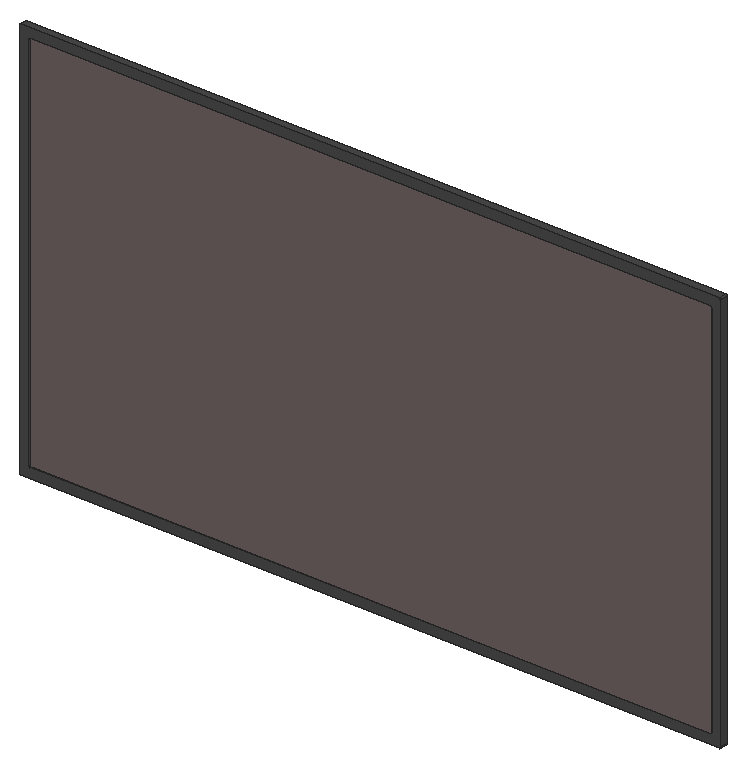
Revit family "Electronics_Visual-TVs_ViewSonic_ViewSonicR-CDE4320-4K-Ultra-HD-commercia", category Electrical Equipment, Revit 2017
Family settings
  Panel Configuration = Two Columns, Circuits Across
  Round Connector Dimension = Use Diameter
  Part Type = Panelboard
  OmniClass Number = 23.80.00.00
  OmniClass Title = Electric Power and Lighting
  Work Plane-Based = No
  Always vertical = Yes
  Cut with Voids When Loaded = No
  Shared = No
  Room Calculation Point = No
Parameters (values of type "CDE 4320")
  Viewing Angles = "H = 178, V = 178 typ"
  Viewable Area (In.) = "43\""
  URL = "https://www.viewsonic.com/us/cde4320.html"
  Type/ Tech = "TFT LCD Module. IPS type, DLED backlight"
  Surface Treatment = "Anti-Glare, 2H, Haze 3%"
  Screen Material = Screen - ViewSonic - CDE4320
  Response Time = "6 ms"
  Resolution = "3840x2160; 16:9"
  Product data url = "https://www.bimobject.com/viewsonic/product/viewsonic_cde4320"
  Product Guid = "04618ea5-7388-44f0-a38c-e1773508592f"
  Panel Size = "43\""
  Orientation = "Landscape"
  Native Resolution = "3840x2160"
  Model = "cde4320"
  Manufacturer = "ViewSonic"
  Light Source = "DLED"
  Keynote = "11130"
  Hardness = "3H"
  Edition number = 1
  Display Size = "43\""
  Display Area (mm) = "41.184 (H) x 529.416 (V) (42.51” diagonal)"
  Description = "The ViewSonic® CDE4320 is a 43’’ (42.51” viewable) 4K Ultra HD commercial display purpose-built to deliver eye-catching imagery for hotels, restaurants, retail, business, and more. With stunning 3840x2160 resolution, 350-nit high brightness, wide viewing angles, and dual 10W speakers, this display provides immersive, high-impact messaging wherever needed. In addition to HDMI and DVI inputs to connect with various high definition devices, this display utilizes an integrated multi-core processor and 16GB of internal memory, allowing customers to playback multimedia content via USB without the need for a PC. To make life even easier, the bundled vController software offers easy maintenance and intuitive interfaces for remote management via a PC server or laptop, and its flicker-free and blue light filter technologies help provide a comfortable viewing environment."
  Covering Color = Plastic - ViewSonic - Black
  Cover Material = Plastic - ViewSonic - Black
  Contrast Ratio = "1100:1 Typ."
  Colors = "1.07B colors"
  Brightness = "350 nits (typ.)"
  Bezel = "Slim"
  Backlight Life = "40,000 Hours Typ"
  Backlight = "WLED"
  Assembly Code = "D5030500"
  Aspect Ratio = "3840 x 2160"
Reference planes
  plane 1: y = 0
  plane 2: z = 0
  plane 3 "Center (Left/Right)": x = 0
  plane 4 "Center (Front/Back)": y = 85
Forms (mm)
  Extrusion 1, solid, material "Plastic - ViewSonic - Black" <- "Covering Color"
    sketch origin (0, 0, 0) x (1, 0, 0) y (0, 0, -1)
      loop
        line (-482.975, -558.3) -> (482.95, -558.3)
        arc (482.95, -558.3) -> (484.364, -557.714) -> (484.95, -556.3) r 2
        line (484.95, -556.3) -> (484.95, -2)
        arc (484.95, -2) -> (484.364, -0.586) -> (482.95, 0) r 2
        line (482.95, 0) -> (-482.95, 0)
        arc (-482.95, 0) -> (-484.364, -0.586) -> (-484.95, -2) r 2
        line (-484.95, -2) -> (-484.95, -556.325)
        arc (-484.95, -556.325) -> (-484.372, -557.722) -> (-482.975, -558.3) r 1.975
      loop
        line (-469.95, -545.3) -> (469.95, -545.3)
        arc (469.95, -545.3) -> (471.364, -544.714) -> (471.95, -543.3) r 2
        line (471.95, -543.3) -> (471.95, -15)
        arc (471.95, -15) -> (471.364, -13.586) -> (469.95, -13) r 2
        line (469.95, -13) -> (-469.95, -13)
        arc (-469.95, -13) -> (-471.364, -13.586) -> (-471.95, -15) r 2
        line (-471.95, -15) -> (-471.95, -543.3)
        arc (-471.95, -543.3) -> (-471.364, -544.714) -> (-469.95, -545.3) r 2
    from 0 to 10.2
  Extrusion 2, solid, material "Plastic - ViewSonic - Black" <- "Covering Color", detail levels medium+fine
    sketch origin (0, 0, 0) x (1, 0, 0) y (0, 1, 0)
      loop
        line (-387.004, 50.797) -> (232.5, 50.797) -> (232.5, 85) -> (-387.004, 85) -> (-387.004, 50.797)
    from 0 to 503.271
  SweptBlend 3, solid, material "Plastic - ViewSonic - Black" <- "Covering Color", detail levels fine
    path origin (0, 0, 0) x (1, 0, 0) y (0, -1, 0)
      loop
        line (0, -50.797) -> (0, -10.2)
    profile origin (0, 50.797, 0) x (1, 0, 0) y (0, 0, 1)
      loop
        line (427.383, 512.679) -> (-426.024, 512.679)
        arc (-426.024, 512.679) -> (-429.56, 511.214) -> (-431.024, 507.679) r 5
        line (-431.024, 507.679) -> (-431.024, 0) -> (432.383, 0) -> (432.383, 507.679)
        arc (432.383, 507.679) -> (430.919, 511.214) -> (427.383, 512.679) r 5
    end profile origin (0, 10.2, 0) x (1, 0, 0) y (0, 0, 1)
      loop
        line (469.814, 548.3) -> (-469.814, 548.3)
        arc (-469.814, 548.3) -> (-473.35, 546.836) -> (-474.814, 543.3) r 5
        line (-474.814, 543.3) -> (-474.814, 0) -> (474.814, 0) -> (474.814, 543.3)
        arc (474.814, 543.3) -> (473.35, 546.836) -> (469.814, 548.3) r 5
  Extrusion 4, void
    sketch origin (0, 0, 0) x (1, 0, 0) y (0, 0, -1)
      loop
        arc (405.463, -477.823) -> (406.177, -477.527) -> (406.473, -476.813) r 1.009
        line (406.473, -476.813) -> (406.473, -372.259)
        arc (406.473, -372.259) -> (406.17, -371.53) -> (405.441, -371.227) r 1.032
        line (405.441, -371.227) -> (245.517, -371.227)
        arc (245.517, -371.227) -> (244.841, -371.507) -> (244.56, -372.184) r 0.956
        line (244.56, -372.184) -> (244.56, -476.806)
        arc (244.56, -476.806) -> (244.858, -477.525) -> (245.577, -477.823) r 1.016
        line (245.577, -477.823) -> (405.463, -477.823)
      loop
        arc (405.475, -355.073) -> (406.18, -354.78) -> (406.473, -354.075) r 0.998
        line (406.473, -354.075) -> (406.473, -209.227)
        arc (406.473, -209.227) -> (406.18, -208.52) -> (405.473, -208.227) r 1
        line (405.473, -208.227) -> (245.56, -208.227)
        arc (245.56, -208.227) -> (244.853, -208.52) -> (244.56, -209.227) r 1
        line (244.56, -209.227) -> (244.56, -354.073)
        arc (244.56, -354.073) -> (244.853, -354.78) -> (245.56, -355.073) r 1
        line (245.56, -355.073) -> (405.475, -355.073)
      loop
        arc (405.473, -192.073) -> (406.18, -191.78) -> (406.473, -191.073) r 1
        line (406.473, -191.073) -> (406.473, -76.928)
        arc (406.473, -76.928) -> (406.194, -76.256) -> (405.522, -75.977) r 0.95
        line (405.522, -75.977) -> (245.56, -75.977)
        arc (245.56, -75.977) -> (244.853, -76.27) -> (244.56, -76.977) r 1
        line (244.56, -76.977) -> (244.56, -191.073)
        arc (244.56, -191.073) -> (244.853, -191.78) -> (245.56, -192.073) r 1
        line (245.56, -192.073) -> (405.473, -192.073)
    from 44.965 to 96.507
  SweptBlend 5, solid, material "Plastic - ViewSonic - Black" <- "Covering Color", detail levels medium
    path origin (0, 0, 0) x (1, 0, 0) y (0, -1, 0)
      loop
        line (0, -50.797) -> (0, -10.2)
    profile origin (0, 50.797, 0) x (1, 0, 0) y (0, 0, 1)
      loop
        line (427.383, 512.679) -> (-426.024, 512.679)
        arc (-426.024, 512.679) -> (-429.56, 511.214) -> (-431.024, 507.679) r 5
        line (-431.024, 507.679) -> (-431.024, 0) -> (432.383, 0) -> (432.383, 507.679)
        arc (432.383, 507.679) -> (430.919, 511.214) -> (427.383, 512.679) r 5
    end profile origin (0, 10.2, 0) x (1, 0, 0) y (0, 0, 1)
      loop
        line (469.814, 548.3) -> (-469.814, 548.3)
        arc (-469.814, 548.3) -> (-473.35, 546.836) -> (-474.814, 543.3) r 5
        line (-474.814, 543.3) -> (-474.814, 0) -> (474.814, 0) -> (474.814, 543.3)
        arc (474.814, 543.3) -> (473.35, 546.836) -> (469.814, 548.3) r 5
  Extrusion 6, solid, material "Screen - ViewSonic - CDE4320" <- "Screen Material"
    sketch origin (0, 0, 0) x (1, 0, 0) y (0, 0, -1)
      loop
        arc (469.95, -545.3) -> (471.364, -544.714) -> (471.95, -543.3) r 2
        line (471.95, -543.3) -> (471.95, -15)
        arc (471.95, -15) -> (471.364, -13.586) -> (469.95, -13) r 2
        line (469.95, -13) -> (-469.95, -13)
        arc (-469.95, -13) -> (-471.364, -13.586) -> (-471.95, -15) r 2
        line (-471.95, -15) -> (-471.95, -543.3)
        arc (-471.95, -543.3) -> (-471.364, -544.714) -> (-469.95, -545.3) r 2
        line (-469.95, -545.3) -> (469.95, -545.3)
    from 1.1 to 6.7
  Extrusion 7, solid, material "Plastic - ViewSonic - Black" <- "Covering Color", detail levels coarse
    sketch origin (0, 0, 0) x (1, 0, 0) y (0, 0, 1)
      loop
        arc (-482.975, 558.3) -> (-484.372, 557.722) -> (-484.95, 556.325) r 1.975
        line (-484.95, 556.325) -> (-484.95, 2)
        arc (-484.95, 2) -> (-484.364, 0.586) -> (-482.95, 0) r 2
        line (-482.95, 0) -> (482.95, 0)
        arc (482.95, 0) -> (484.364, 0.586) -> (484.95, 2) r 2
        line (484.95, 2) -> (484.95, 556.3)
        arc (484.95, 556.3) -> (484.364, 557.714) -> (482.95, 558.3) r 2
        line (482.95, 558.3) -> (-482.975, 558.3)
    from -10.2 to -85
  Extrusion 8, void
    sketch origin (0, 0, 0) x (0, 1, 0) y (0, 0, 1)
      loop
        line (10.585, 522.647) -> (10.585, 35.454) -> (35.334, 60.203) -> (35.334, 497.898) -> (10.585, 522.647)
    from -563.097 to 735.598
  Extrusion 9, solid, material "Plastic - ViewSonic - Black" <- "Covering Color", detail levels fine
    sketch origin (0, 0, 0) x (1, 0, 0) y (0, 1, 0)
      loop
        line (-440.704, 35.334) -> (-467.814, 10.2) -> (467.814, 10.2) -> (441.545, 35.334) -> (-440.704, 35.334)
    from 22.943 to 522.647
  Extrusion 10, solid, material "Plastic - ViewSonic - Black" <- "Covering Color", detail levels fine
    sketch origin (0, 0, 0) x (1, 0, 0) y (0, 1, 0)
      loop
        line (444.903, 32.121) -> (462.966, 14.838) -> (472.261, 14.838) -> (454.197, 32.121) -> (444.903, 32.121)
    from 51.849 to 188.593
  Extrusion 11, void
    sketch origin (0, 0, 0) x (0, 1, 0) y (0, 0, 1)
      loop
        line (25.642, 187.743) -> (20.106, 193.279)
        arc (20.106, 193.279) -> (18.616, 193.576) -> (17.771, 192.312) r 1.368
        line (17.771, 192.312) -> (17.771, 60.134)
        arc (17.771, 60.134) -> (18.357, 58.72) -> (19.771, 58.134) r 2
        line (19.771, 58.134) -> (26.371, 58.134)
        arc (26.371, 58.134) -> (27.786, 58.72) -> (28.371, 60.134) r 2
        line (28.371, 60.134) -> (28.371, 181.155)
        arc (28.371, 181.155) -> (27.662, 184.721) -> (25.642, 187.743) r 9.318
      loop
        line (7.771, 43.134) -> (43.371, 43.134) -> (43.371, 194.025) -> (7.771, 229.626) -> (7.771, 43.134)
    from 432.383 to 706.985
  Extrusion 12, solid, not visible
    sketch origin (0, 0, 0) x (0, 1, 0) y (0, 0, 1)
      loop
        circle (23.282, 154.716) r 5
      loop
        circle (23.534, 85.839) r 5
    from 448.545 to 471.95
Cuts and joins
  Extrusion 4, Extrusion 8 cuts SweptBlend 3
  Extrusion 11 cuts Extrusion 10
Lines and regions (mm)
  Masking region 1, detail levels coarse
    outline origin (0, 0, 0) x (1, 0, 0) y (0, 1, 0)
      loop
        line (-484.95, 85) -> (-484.95, 0) -> (484.95, 0) -> (484.95, 85) -> (-484.95, 85)
  Masking region 2, detail levels medium+fine
    outline origin (0, 0, 0) x (1, 0, 0) y (0, 1, 0)
      loop
        line (-484.95, 10.2) -> (-484.95, 0) -> (484.95, 0) -> (484.95, 10.2) -> (474.814, 10.2) -> (432.383, 50.797) -> (232.5, 50.797) -> (232.5, 85) -> (-387.004, 85) -> (-387.004, 50.992) -> (-430.95, 50.992) -> (-474.95, 10.2) -> (-484.95, 10.2)
  symbolic lines, detail levels medium+fine
    curve 1: line (-474.95, 10.2, 0) -> (474.814, 10.2, 0)
    curve 2: line (232.5, 50.797, 0) -> (-387.004, 50.797, 0)
Dimensions and locks
  aligned and locked: level to plane 2
Connectors
  electrical at (471.95, 23.282, 154.716)
    settings: on Extrusion 12, index 1, voltage 240 V, apparent load 0 VA, apparent load phase1 0 VA, apparent load phase2 0 VA, apparent load phase3 0 VA, power factor 1, load classification "Other", number of poles 1, system type 30, power factor state 1, is connector primary yes, connector utility no, sub classification motor no, connector description "Electrical Connector"
  electrical at (471.95, 23.534, 85.839)
    settings: on Extrusion 12, index 2, voltage 0 V, apparent load 0 VA, apparent load phase1 0 VA, apparent load phase2 0 VA, apparent load phase3 0 VA, power factor 1, load classification "Other", number of poles 1, system type 5, power factor state 1, is connector primary no, connector utility no, sub classification motor no, connector description "Data Connector"
